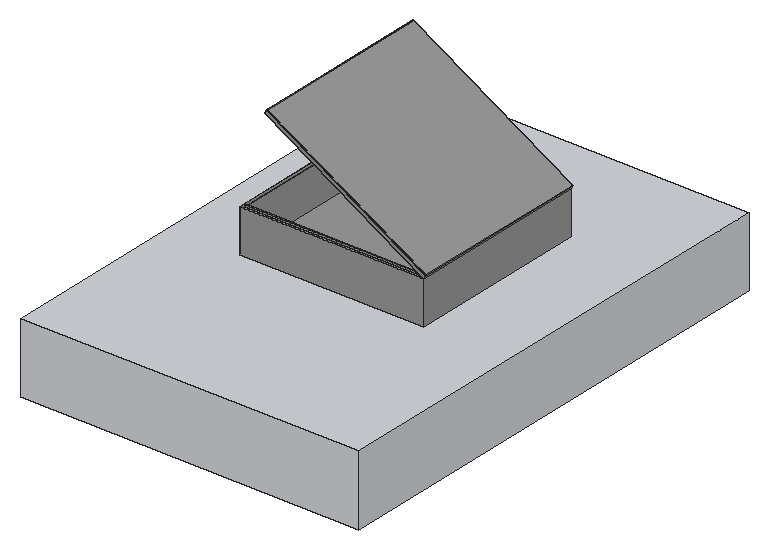
Revit family "Hager-Univers-IP44-D205-H800-Cl.II-Encl-PL-pl", category Equipement électrique, Revit 2020
Family settings
  Hôte = Face
  Configuration du panneau = Deux colonnes, circuits au sein
  Cote de connecteur circulaire = Utiliser le diamètre
  Type d'élément = Tableau de raccordement
  Couper avec des vides une fois chargée = Non
  Partagée = Non
  Point de calcul de pièce = Non
Parameters (values of type "Montaż natynkowy IP44 S800 W800 G205  - FP53SN2")
  Width Control [instance] = if([EF000008 - Szerokość] > Min Width, [EF000008 - Szerokość], Min Width)  # 800 mm
  Commentaires du type = [HG000003 - Zakres]  # "Univers"
  Thickness Door [instance] = if([EF009171 - Drzwi/pokrywa z materiału o wysokiej wytrzymałości mechanicznej] > 3 mm, 3 mm, [EF009171 - Drzwi/pokrywa z materiału o wysokiej wytrzymałości mechanicznej])  # 1 mm
  Seal Frame Offset [instance] = 17 mm  # constant formula
  Plinth Visibility [instance] = [HG000027 - Wysokość cokołu] > 0 mm  # no
  Model = ""
  Min Width [instance] = 100 mm  # constant formula
  Min Height [instance] = 100 mm  # constant formula
  Min Depth [instance] = (2 * [EF009170 - Obudowa z materiału o wysokiej wytrzymałości mechanicznej]) + 1 mm  # 3 mm
  Internal Frame Depth [instance] = (Door System Depth * 0.5)  # 9 mm
  Height Control [instance] = if([EF000040 - Wysokość] > Min Height, [EF000040 - Wysokość], Min Height)  # 800 mm
  HG000027 - Wysokość cokołu = 0 mm
  HG000026 - Stojąca = no
  HG000024 - Wysokość części dolnej = 800 mm
  HG000023 - Obudowa dwusekcyjna = no
  HG000016 - Widoczność drzwi w widoku 3D [instance] = yes
  HG000015 - Przestrzeń robocza - otwarcie drzwi [instance] = no
  HG000014 - Drzwi prawe [instance] = yes
  HG000013 - Drzwi lewe [instance] = not([HG000014 - Drzwi prawe])  # no
  HG000012 - Kąt otwarcia drzwi [instance] = 30.00°
  HG000010 - Drzwi asymetryczne = no
  HG000009 - Drzwi dwuskrzydłowe = no
  HG000006 - Montaż podtynkowy = no
  HG000004 - Referencja producenta = "FP53SN2"
  HG000003 - Zakres = "Univers"
  HG000002 - Z drzwiami lub pokrywą = yes
  Frame Offset Bottom [instance] = 10 mm  # constant formula
  Frame Offset [instance] = 15 mm  # constant formula
  EF015940 - Pokrywa z wyzwalaczem nadciśnieniowym = no
  EF011959 - Stopień ochrony (NEMA) = ""
  EF009554 - Liczba otworów pod flansze = 6
  Fabricant = "Hager"  # constant formula
  EF009212 - Wykonanie pokrywy = "EV000116 - Zamknięty"
  EF009171 - Drzwi/pokrywa z materiału o wysokiej wytrzymałości mechanicznej = 1 mm
  EF009170 - Obudowa z materiału o wysokiej wytrzymałości mechanicznej = 1 mm
  EF008873 - Prąd znamionowy (In) = 250 A
  EF007800 - Do ochrony odgromowej = no
  EF006306 - Z zamkiem = no
  EF006244 - Transparentna pokrywa/drzwi = no
  EF005474 - Stopień ochrony (IP) = "EV006418 - IP44"
  EF004464 - Rodzaj drzwi = "EV002646 - Pojedynczy"
  EF004427 - Liczba modułów = 180
  EF004293 - Odporność udarowa = "EV006815 - IK09"
  EF003532 - Do zastosowań zewnętrznych = no
  EF002950 - Szerokość wyrażona liczbą modułów = 36
  EF001613 - Podtrzymanie funkcji = "EV000494 - Brak"
  EF001596 - Materiał obudowy = "EV000179 - Stal"
  EF001131 - Głębokość wewnętrzna = 130 mm
  EF001088 - Możliwość rozbudowy = yes
  EF000437 - Liczba wejść kablowych = 6
  EF000339 - Rodzaj pokrywy = "EV004216 - Drzwi"
  EF000266 - Liczba rzędów = 5
  EF000218 - Głębokość wbudowania = 205 mm
  EF000118 - Z płytą montażową = no
  EF000116 - Numer RAL = "9010"
  EF000049 - Głębokość = 205 mm
  EF000040 - Wysokość = 800 mm
  EF000008 - Szerokość = 800 mm
  EF000007 - Kolor = "EV000202 - Biały"
  EF000003 - Sposób montażu = "EV000384 - Montaż natynkowy"
  Door System Leaf Tolerance [instance] = 1.5 mm  # constant formula
  Door System Depth [instance] = 18 mm  # constant formula
  Door Height [instance] = Height Control - [HG000027 - Wysokość cokołu]  # 800 mm
  Depth Control [instance] = if([EF000049 - Głębokość] > Min Depth, [EF000049 - Głębokość], Min Depth)  # 205 mm
  Default Elevation = 0 mm
  Connector Offset [instance] = Height Control / 2  # 400 mm
  Bottom Top Plate Trim [instance] = 1.5 mm  # constant formula
  Plinth height Ctrl [instance] = if([HG000027 - Wysokość cokołu] > 0 mm, [HG000027 - Wysokość cokołu], 12 mm)  # 12 mm
Types (5, lengths in mm): name | Width Control | HG000010 - Drzwi asymetryczne | HG000009 - Drzwi dwuskrzydłowe | HG000004 - Referencja producenta | EF009554 - Liczba otworów pod flansze | EF004464 - Rodzaj drzwi | EF004427 - Liczba modułów | EF002950 - Szerokość wyrażona liczbą modułów | EF000437 - Liczba wejść kablowych | EF000339 - Rodzaj pokrywy | EF000008 - Szerokość
  Montaż natynkowy IP44 S1050 W800 G205  - FP54SN2 | 1050 | no | yes | "FP54SN2" | 8 | "EV003602 - Podwójny" | 240 | 48 | 8 | "EV004216 - Drzwi" | 1050
  Montaż natynkowy IP44 S1300 W800 G205  - FP55SN2 | 1300 | yes | yes | "FP55SN2" | 10 | "EV003602 - Podwójny" | 300 | 60 | 10 | "EV004216 - Drzwi" | 1300
  Montaż natynkowy IP44 S300 W800 G205  - FP51SN2 | 300 | no | no | "FP51SN2" | 2 | "EV002646 - Pojedynczy" | 60 | 12 | 2 | "EV001012 - Pokrywa" | 300
  Montaż natynkowy IP44 S550 W800 G205  - FP52SN2 | 550 | no | no | "FP52SN2" | 4 | "EV002646 - Pojedynczy" | 120 | 24 | 4 | "EV001012 - Pokrywa" | 550
  Montaż natynkowy IP44 S800 W800 G205  - FP53SN2 | 800 | no | no | "FP53SN2" | 6 | "EV002646 - Pojedynczy" | 180 | 36 | 6 | "EV004216 - Drzwi" | 800
Reference planes
  plane 1 "Center (Front/Back)": y = 0
  plane 2: z = 0
  plane 3 "Center (Left/Right)": x = 0
  plane 4: z = 205
  plane 5: y = 1
  plane 6: y = 400
  plane 7: y = 0
  plane 8: y = 800
  plane 9: z = 0
  plane 10: x = -385
  plane 11: x = 385
  plane 12: x = 384
  plane 13: x = -384
  plane 14: y = 799
  plane 15: x = -383
  plane 16: x = -400
  plane 17: x = 383
  plane 18: x = 400
  plane 19: x = 399
  plane 20: x = -399
  plane 21: y = 11
  plane 22: y = 800
  plane 23: y = 784
  plane 24: z = 187
  plane 25: z = 1
  plane 26: z = 186
  plane 27: z = 204
Forms (mm)
  Extrusion 1, solid
    sketch origin (0, 0, 0) x (1, 0, 0) y (0, 1, 0)
      loop
        line (-702.964, 1305) -> (-702.964, -811.445) -> (766.763, -811.445) -> (766.763, 1305) -> (-702.964, 1305)
    from 0 to -304.8
  Extrusion 2, solid, material "Hager_Steel_RAL7035_Light_Grey", visible <- "Plinth Visibility", detail levels medium+fine
    sketch origin (0, 0, 0) x (1, 0, 0) y (0, 1, 0)
      loop
        line (-400, 0) -> (400, 0) -> (400, 12) -> (-400, 12) -> (-400, 0)
    from 0 to 187
  Extrusion 3, solid, material "Hager_Steel_RAL7035_Light_Grey", detail levels medium+fine
    sketch origin (0, 0, 0) x (1, 0, 0) y (0, 1, 0)
      loop
        line (-400, 0) -> (400, 0) -> (400, 800) -> (-400, 800) -> (-400, 0)
    from 0 to 187
  Extrusion 4, void
    sketch origin (0, 0, 0) x (1, 0, 0) y (0, 1, 0)
      loop
        line (-399, 1) -> (399, 1) -> (399, 799) -> (-399, 799) -> (-399, 1)
    from 1 to 186
  Extrusion 5, void
    sketch origin (-381.607, -4572, 187) x (0, -1, 0) y (-1, 0, 0)
      loop
        line (-4583, 2.393) -> (-5356, 2.393) -> (-5356, -765.607) -> (-4583, -765.607) -> (-4583, 2.393)
    from 0 to 1 <- "EF009170 - Obudowa z materiału o wysokiej wytrzymałości mechanicznej"
  Extrusion 6, solid, material "Hager_Steel_RAL7035_Light_Grey", detail levels fine
    sketch origin (0, 0, 187) x (1, 0, 0) y (0, 1, 0)
      loop
        line (-384, 784) -> (-384, 11) -> (384, 11) -> (384, 784) -> (-384, 784)
      loop
        line (-385, 10) -> (385, 10) -> (385, 785) -> (-385, 785) -> (-385, 10)
    from 0 to 9 <- "Internal Frame Depth"
  Extrusion 7, solid, material "Hager_Steel_RAL7035_Light_Grey", detail levels coarse
    sketch origin (0, 0, 0) x (1, 0, 0) y (0, 1, 0)
      loop
        line (-400, 0) -> (400, 0) -> (400, 800) -> (-400, 800) -> (-400, 0)
    from 0 to 205
  Sweep 8, void
    path in 3D
      loop
        line (-400, 12, 0) -> (400, 12, 0) -> (400, 12, 187) -> (-400, 12, 187) -> (-400, 12, 0)
    profile origin (-400, 12, 93.5) x (-1, 0, 0) y (0, -1, 0)
      loop
        line (0, 0) -> (0, 1.5) -> (-1.5, 1.5)
        arc (-1.5, 1.5) -> (-1.061, 0.439) -> (0, 0) r 1.5
Cuts and joins
  Extrusion 4, Extrusion 5 cuts Extrusion 3
  Sweep 8 cuts Extrusion 2
Lines and regions (mm)
  Masking region 1
    outline origin (0, 0, 0) x (1, 0, 0) y (0, 0, 1)
      loop
        line (-400, 205) -> (-400, 0) -> (400, 0) -> (400, 205) -> (-400, 205)
  Masking region 2, detail levels medium+fine
    outline origin (0, 140, 0) x (0, 1, 0) y (0, 0, 1)
      loop
        line (-140, 0) -> (660, 0) -> (660, 187) -> (-140, 187) -> (-140, 0)
  Masking region 3, not visible, detail levels medium+fine
    outline origin (0, 297.922, 0) x (0, 1, 0) y (0, 0, 1)
      loop
        line (113.578, 0) -> (153.578, 0) -> (153.578, 194)
        arc (153.578, 194) -> (150.649, 201.071) -> (143.578, 204) r 10
        line (143.578, 204) -> (113.578, 204) -> (113.578, 0)
  Masking region 4, detail levels coarse
    outline origin (0, 0, 180) x (0, 1, 0) y (0, 0, 1)
      loop
        line (0, -180) -> (800, -180) -> (800, 25) -> (0, 25) -> (0, -180)
  Masking region 5, visible <- "Plinth Visibility", detail levels medium+fine
    outline origin (0, 52.24, 12.345) x (0, 0, -1) y (0, 1, 0)
      loop
        line (10.845, -40.24) -> (-173.155, -40.24)
        arc (-173.155, -40.24) -> (-173.594, -41.301) -> (-174.655, -41.74) r 1.5
        line (-174.655, -41.74) -> (-174.655, -52.24) -> (12.345, -52.24) -> (12.345, -41.74)
        arc (12.345, -41.74) -> (11.285, -41.301) -> (10.845, -40.24) r 1.5
  Masking region 6, detail levels medium+fine
    outline origin (-381.607, -4572, 187) x (-1, 0, 0) y (0, -1, 0)
      loop
        line (18.393, -5372) -> (18.393, -4572) -> (-781.607, -4572) -> (-781.607, -5372) -> (18.393, -5372)
  Masking region 7, visible <- "Plinth Visibility", detail levels medium+fine
    outline origin (-381.607, -4727, 187) x (-1, 0, 0) y (0, -1, 0)
      loop
        arc (16.893, -4739) -> (17.332, -4737.939) -> (18.393, -4737.5) r 1.5
        line (18.393, -4737.5) -> (18.393, -4727) -> (-781.607, -4727) -> (-781.607, -4737.5)
        arc (-781.607, -4737.5) -> (-780.546, -4737.939) -> (-780.107, -4739) r 1.5
        line (-780.107, -4739) -> (16.893, -4739)
  Masking region 8, detail levels coarse
    outline origin (-442.548, -4669.526, 187) x (-1, 0, 0) y (0, -1, 0)
      loop
        line (-42.548, -5469.526) -> (-42.548, -4669.526) -> (-842.548, -4669.526) -> (-842.548, -5469.526) -> (-42.548, -5469.526)
  sketch lines
    curve 1: line (-400, 12, 187) -> (-400, 12, 0)
    curve 2: line (400, 12, 187) -> (-400, 12, 187)
    curve 3: line (400, 12, 187) -> (400, 12, 0)
    curve 4: line (-400, 12, 0) -> (400, 12, 0)
Dimensions and locks
  "Depth Control": plane 4 to Extrusion 1
  "HG000027 - Wysokość cokołu": plane 1 "Center (Front/Back)" to plane 7
  "EF009170 - Obudowa z materiału o wysokiej wytrzymałości mechanicznej": plane 5 to plane 7
  locked: connector elem to plane 3 "Center (Left/Right)"
  equal spacing: plane 8, plane 6, plane 7
  locked: connector elem to plane 6
  "EF009170 - Obudowa z materiału o wysokiej wytrzymałości mechanicznej": plane 8 to plane 14
  "EF009170 - Obudowa z materiału o wysokiej wytrzymałości mechanicznej": plane 10 to plane 13
  "EF009170 - Obudowa z materiału o wysokiej wytrzymałości mechanicznej": plane 12 to plane 11
  "Frame Offset": plane 20 to plane 13
  "Frame Offset": plane 12 to plane 19
  "EF009170 - Obudowa z materiału o wysokiej wytrzymałości mechanicznej": plane 16 to plane 20
  "EF009170 - Obudowa z materiału o wysokiej wytrzymałości mechanicznej": plane 19 to plane 18
  "Seal Frame Offset": plane 16 to plane 15
  "Seal Frame Offset": plane 17 to plane 18
  "Frame Offset Bottom": plane 21 to plane 5
  "Frame Offset": plane 14 to plane 23
  equal spacing: plane 16, plane 3 "Center (Left/Right)", plane 18
  "Width Control": plane 16 to plane 18
  "EF009170 - Obudowa z materiału o wysokiej wytrzymałości mechanicznej": plane 4 to plane 27
  "EF009170 - Obudowa z materiału o wysokiej wytrzymałości mechanicznej": plane 24 to plane 26
  "EF009170 - Obudowa z materiału o wysokiej wytrzymałości mechanicznej": plane 25 to level
  "Door System Depth": plane 4 to plane 24
  "Height Control": plane 1 "Center (Front/Back)" to Extrusion 7 sketch curve
  "Height Control": Masking region 4 sketch curve to plane 1 "Center (Front/Back)"
  "Height Control": plane 1 "Center (Front/Back)" to plane 22
  "Bottom Top Plate Trim": profile plane to Sweep 8 sketch curve
  "Bottom Top Plate Trim": Sweep 8 sketch curve to profile plane
  "Plinth height Ctrl": plane 1 "Center (Front/Back)" to Extrusion 2 sketch curve
  "Plinth height Ctrl": Masking region 5 sketch curve to plane 1 "Center (Front/Back)"
  "Plinth height Ctrl": plane 1 "Center (Front/Back)" to Masking region 7 sketch curve
  "Thickness Door": Extrusion 6 sketch curve to Extrusion 6 sketch curve  (x3)
  "Thickness Door": cut or joined group of Extrusion 3, Extrusion 4, Extrusion 5 to Extrusion 6 sketch curve
  radius of Masking region 3 sketch curve = 10 mm
  "Bottom Top Plate Trim": radius of Masking region 5 sketch curve  (x2)
  "Bottom Top Plate Trim": radius of Sweep 8 sketch curve
  "Bottom Top Plate Trim": radius of Masking region 7 sketch curve  (x2)
  aligned and locked: plane 2 to Extrusion 1
  aligned and locked: level to Extrusion 1
  aligned and locked: level to Masking region 1 sketch curve
  aligned and locked: Masking region 1 sketch curve to plane 18
  aligned and locked: Masking region 1 sketch curve to plane 16
  aligned and locked: plane 7 to Masking region 2 sketch curve
  aligned and locked: level to Masking region 3 sketch curve
  aligned and locked: Masking region 3 sketch curve to plane 27
  aligned and locked: level to Masking region 2 sketch curve
  aligned and locked: plane 1 "Center (Front/Back)" to Extrusion 2 sketch curve
  aligned and locked: Extrusion 3 sketch curve to plane 7
  aligned and locked: plane 16 to Extrusion 3 sketch curve
  aligned and locked: plane 18 to Extrusion 3 sketch curve
  aligned and locked: plane 20 to Extrusion 4 sketch curve
  aligned and locked: plane 19 to Extrusion 4 sketch curve
  aligned and locked: Extrusion 4 sketch curve to plane 5
  aligned and locked: Extrusion 4 to plane 25
  aligned and locked: plane 26 to Extrusion 4
  aligned and locked: plane 24 to Extrusion 3
  aligned and locked: Extrusion 5 sketch curve to plane 21
  aligned and locked: Extrusion 5 sketch curve to plane 13
  aligned and locked: Extrusion 5 sketch curve to plane 12
  aligned and locked: plane 18 to Extrusion 7 sketch curve
  aligned and locked: plane 1 "Center (Front/Back)" to Extrusion 7 sketch curve
  aligned and locked: plane 16 to Extrusion 7 sketch curve
  aligned and locked: plane 4 to Extrusion 7
  aligned and locked: Extrusion 7 to level
  aligned and locked: level to Masking region 4 sketch curve
  aligned and locked: Masking region 4 sketch curve to plane 1 "Center (Front/Back)"
  aligned and locked: Masking region 4 sketch curve to plane 4
  aligned and locked: nested 1 to level
  aligned and locked: nested 1 to plane 16
  aligned and locked: plane 8 to Extrusion 3 sketch curve
  aligned and locked: plane 23 to Extrusion 5 sketch curve
  aligned and locked: plane 14 to Extrusion 4 sketch curve
  aligned and locked: Masking region 2 sketch curve to plane 8
  aligned and locked: level to Masking region 5 sketch curve
  aligned and locked: plane 16 to Extrusion 2 sketch curve
  aligned and locked: plane 18 to Extrusion 2 sketch curve
  aligned and locked: Masking region 5 sketch curve to plane 24
  aligned and locked: Masking region 2 sketch curve to plane 24
  aligned and locked: plane 24 to Extrusion 2
  aligned and locked: profile plane to Sweep 8 sketch curve  (x2)
  aligned and locked: Masking region 6 sketch curve to plane 18
  aligned and locked: Masking region 6 sketch curve to plane 22
  aligned and locked: Masking region 6 sketch curve to plane 16
  aligned and locked: plane 8 to plane 22
  aligned and locked: Masking region 6 sketch curve to plane 7
  aligned and locked: Masking region 7 sketch curve to plane 16
  aligned and locked: Masking region 7 sketch curve to plane 1 "Center (Front/Back)"
  aligned and locked: Masking region 7 sketch curve to plane 18
  aligned and locked: Masking region 8 sketch curve to plane 1 "Center (Front/Back)"
  aligned and locked: Masking region 8 sketch curve to plane 18
  aligned and locked: Masking region 8 sketch curve to plane 22
  aligned and locked: Masking region 8 sketch curve to plane 16
  aligned and locked: nested 2 to plane 7
  aligned and locked: plane 3 "Center (Left/Right)" to nested 2
  aligned and locked: nested 2 to plane 24
  aligned and locked: Extrusion 6 sketch curve to cut or joined group of Extrusion 3, Extrusion 4, Extrusion 5  (x4)
Automatic sketch dimensions
  Extrusion 1 sketch curve to Extrusion 1 sketch curve = 1469.727 mm
  Extrusion 1 sketch curve to Extrusion 1 sketch curve = 2116.445 mm
  Masking region 1 sketch curve to plane 4 = 0 mm
  plane 6 to Masking region 3 sketch curve = 11.5 mm
  Masking region 3 sketch curve to Masking region 3 sketch curve = 30 mm
  Masking region 5 sketch curve to plane 1 "Center (Front/Back)" = 0 mm
Nested families
  nested 1: "Hager_Enclosure_Symbol" at (-400, 0, 0) x (1, 0, 0) z (0, -1, 0), Height <- "Depth Control", Width <- "Width Control", type "Hager_Enclosure_Symbol"
    with Width_Ctrl 800 mm, Width 800 mm, Height_Ctrl 205 mm, Height 205 mm, A_Width_Int 13.453 mm, A_Width 161.438 mm, A_Height_Ctrl 179.375 mm, A_Height 179.375 mm
  nested 2: "EC000058_Univers_Door" at (0, 0, 187) x (1, 0, 0) z (0, 1, 0), Leaf_Tolerance <- "Door System Leaf Tolerance", Angle <- "HG000012 - Kąt otwarcia drzwi", Door_Depth <- "Door System Depth", Door_Left <- "HG000013 - Drzwi lewe", Transparent <- "EF006244 - Transparentna pokrywa/drzwi", Assymetrical <- "HG000010 - Drzwi asymetryczne", Width <- "Width Control", Clearance <- "HG000015 - Przestrzeń robocza - otwarcie drzwi", Double <- "HG000009 - Drzwi dwuskrzydłowe", 3d_Door <- "HG000016 - Widoczność drzwi w widoku 3D", Lock_Visibility <- "EF006306 - Z zamkiem", Width_Ctrl <- "Width Control", Door_Right <- "HG000014 - Drzwi prawe", Door <- "HG000002 - Z drzwiami lub pokrywą", Height <- "Door Height", Thickness <- "Thickness Door", type "EC000058_Univers_Door", detail levels medium+fine
    with min_wh 3 mm, Width_Ctrl 800 mm, Width 800 mm, Transparent no, Thickness 1 mm, Seal_Material Hager_Rubber, Lock_Visibility no, Lock_Material Hager_Plastic_RAL9005_Jet_Black, Leaf_Width 800 mm, Leaf_Tolerance_External_Sides 0 mm, Leaf_Tolerance 1.5 mm, Leaf_Offset 0 mm, Leaf_Height 797 mm, Leaf_2_Width 800 mm, Leaf_2_Offset 400 mm, Leaf_1_Width 800 mm, Leaf_1_Offset 400 mm, Height_Ctrl 800 mm, Height 800 mm, Glass_Material Hager_Glass, Double_Clearance_Ctrl no, Double no, Door_Right_Ctrl yes, Door_Right yes, Door_Material Hager_Steel_RAL7035_Light_Grey, Door_Left_Ctrl no, Door_Left no, Door_Depth 18 mm, Door yes, Clearance_Material Hager_Clearance, Clearance_Depth 800 mm, Clearance_Ctrl no, Clearance no, Assymetrical no, Angle 30.00°, 3d_Door yes
Connectors
  electrical at (0, 400, 0)
    settings: on plane 9, index 1, voltage 0 V, apparent load 0 VA, apparent load phase1 0 VA, apparent load phase2 0 VA, apparent load phase3 0 VA, power factor 1, load classification "Other", number of poles 1, system type 30, power factor state 1, is connector primary yes, connector utility no, sub classification motor no, connector description ""
Definition of nested family "EC000058_Univers_Door"
  Parameters (values of type "EC000058_Univers_Door")
    min_wh [instance] = (2 * Thickness) + 1 mm  # 11 mm
    Width_Ctrl [instance] = 400 mm
    Width [instance] = 500 mm
    Transparent [instance] = yes
    Thickness [instance] = 5 mm
    Seal_Material [instance] = none
    Lock_Visibility [instance] = yes
    Lock_Material [instance] = none
    Leaf_Width [instance] = if((Width_Ctrl - 2 * Leaf_Tolerance_External_Sides) > 0 mm, (Width_Ctrl - 2 * Leaf_Tolerance_External_Sides), min_wh)  # 400 mm
    Leaf_Tolerance_External_Sides [instance] = 0 mm  # constant formula
    Leaf_Tolerance [instance] = 1.5 mm
    Leaf_Offset [instance] = 0 mm  # constant formula
    Leaf_Height [instance] = if((Height_Ctrl - 2 * Leaf_Tolerance) > 0 mm, (Height_Ctrl - 2 * Leaf_Tolerance), min_wh)  # 497 mm
    Leaf_2_Width [instance] = if(and(and(Double, Assymetrical), Door_Left), (Leaf_Width / 3) - (Leaf_Tolerance / 2), if(and(and(Double, Assymetrical), Door_Right), (Leaf_Width / 3) * 2 - (Leaf_Tolerance / 2), if(and(Double, not(Assymetrical)), (Leaf_Width / 2) - Leaf_Tolerance, Leaf_Width)))  # 400 mm
    Leaf_2_Offset [instance] = if(and(Double, Assymetrical), Leaf_2_Width / 2, if(and(Double, not(Assymetrical)), Leaf_Width / 4, Leaf_Width / 2))  # 200 mm
    Leaf_1_Width [instance] = if(and(and(Double, Assymetrical), Door_Right), (Leaf_Width / 3) - (Leaf_Tolerance / 2), if(and(and(Double, Assymetrical), Door_Left), (Width / 3) * 2 - (Leaf_Tolerance / 2), if(and(Double, not(Assymetrical)), (Leaf_Width / 2) - Leaf_Tolerance, Leaf_Width)))  # 400 mm
    Leaf_1_Offset [instance] = if(and(Double, Assymetrical), Leaf_1_Width / 2, if(and(Double, not(Assymetrical)), Leaf_Width / 4, Leaf_Width / 2))  # 200 mm
    Height_Ctrl [instance] = if(Height > min_wh, Height, min_wh)  # 500 mm
    Height [instance] = 500 mm
    Glass_Material [instance] = none
    Double_Clearance_Ctrl [instance] = and(Double, Clearance)  # no
    Double [instance] = no
    Door_Right_Ctrl [instance] = and(or(Door_Right, Double), Door)  # yes
    Door_Right [instance] = yes
    Door_Material [instance] = none
    Door_Left_Ctrl [instance] = and(or(Door_Left, Double), Door)  # no
    Door_Left [instance] = no
    Door_Depth [instance] = 30 mm
    Door [instance] = yes
    Default Elevation = 1219.2 mm
    Clearance_Material [instance] = none
    Clearance_Depth [instance] = if(Leaf_1_Width > Leaf_2_Width, Leaf_1_Width, Leaf_2_Width)  # 400 mm
    Clearance_Ctrl [instance] = and(not(Double), Clearance)  # yes
    Clearance [instance] = yes
    Assymetrical [instance] = yes
    Angle [instance] = 30.00°
    3d_Door [instance] = yes
  Reference planes
    plane 1 "Center (Front/Back)": y = 0
    plane 2 "Bottom": z = 0
    plane 3 "Center (Left/Right)": x = 0
    plane 4: z = 500
    plane 5: x = -200
    plane 6: x = 200
    plane 7: z = 500
    plane 8: x = -200
    plane 9: z = 0
    plane 10: x = 200
    plane 11: y = 0
    plane 12: z = 1.5
    plane 13: x = -600
    plane 14: y = -400
    plane 15: x = 600
    plane 16: x = 0
    plane 17: x = 0
    plane 18: x = -200
    plane 19: x = 200
    plane 20: z = 498.5
  Forms (mm)
    Extrusion 1, solid, material <- "Clearance_Material", visible <- "Double_Clearance_Ctrl"
      sketch origin (1200, 0, 0) x (1, 0, 0) y (0, 0, -1)
        loop
          line (-1800, -498.5) -> (-600, -498.5) -> (-600, 0) -> (-1800, 0) -> (-1800, -498.5)
      from 0 to -400
  Dimensions and locks
    equal spacing: plane 5, plane 3 "Center (Left/Right)", plane 6
    "Width_Ctrl": plane 5 to plane 6
    "Leaf_Offset": plane 5 to plane 8
    "Leaf_Offset": plane 6 to plane 10
    "Leaf_Offset": plane 9 to level
    "Leaf_Offset": plane 4 to plane 7
    "Height_Ctrl": plane 4 to level
    "Leaf_Tolerance": plane 12 to plane 9
    locked: plane 11 to plane 1 "Center (Front/Back)"
    "Leaf_1_Offset": plane 18 to plane 16
    "Leaf_2_Offset": plane 17 to plane 19
    "Leaf_1_Width": plane 13 to plane 8
    "Leaf_2_Width": plane 10 to plane 15
    "Clearance_Depth": plane 14 to plane 1 "Center (Front/Back)"
    "Leaf_Tolerance_External_Sides": plane 8 to plane 18
    "Leaf_Tolerance_External_Sides": plane 19 to plane 10
    "Leaf_Tolerance": plane 7 to plane 20
    aligned and locked: level to plane 2 "Bottom"
    aligned and locked: nested 1 to plane 16
    aligned and locked: nested 2 to plane 17
    aligned and locked: Extrusion 1 to plane 13
    aligned and locked: plane 15 to Extrusion 1
    aligned and locked: Extrusion 1 to plane 14
    aligned and locked: plane 12 to nested 1
    aligned and locked: nested 2 to plane 12
    aligned and locked: Extrusion 1 to plane 11
    aligned and locked: plane 20 to Extrusion 1
    aligned and locked: nested 2 to plane 11
    aligned and locked: nested 1 to plane 11
  Automatic sketch dimensions
    Extrusion 1 sketch curve to level = 0 mm
    plane 5 to Extrusion 1 sketch curve = 400 mm
    plane 6 to Extrusion 1 sketch curve = 400 mm
    Extrusion 1 sketch curve to plane 4 = 1.5 mm
  Nested families
    nested 1: "EC000058_Univers_Door_Leaf" at (0, 0, 1.5), Width <- "Leaf_1_Width", visible <- "Door_Left_Ctrl", Leaf_Height <- "Leaf_Height", Angle <- "Angle", 3d_Door <- "3d_Door", Transparent <- "Transparent", Clearance Material <- "Clearance_Material", Clearance <- "Clearance_Ctrl", Door_Material <- "Door_Material", Glass_Material <- "Glass_Material", Door_Depth <- "Door_Depth", Lock_Material <- "Lock_Material", Seal_Material <- "Seal_Material", Lock_Visibility <- "Lock_Visibility", Thickness <- "Thickness", type "EC000058_Univers_Door_Leaf"
      with Width 400 mm, Transparent_Glass_Offset 30 mm, Transparent_Ctrl yes, Transparent yes, Thickness 5 mm, Standard no, Seal_Material none, Seal_D2 8 mm, Seal_D1 1 mm, Offset_Internal_Frame 10 mm, Lock_Width 20 mm, Lock_Visibility_3d yes, Lock_Visibility yes, Lock_Thickness_3 3 mm, Lock_Thickness_2 1 mm, Lock_Thickness_1 3 mm, Lock_Radius_Offset_2 16 mm, Lock_Radius_Offset_1 15 mm, Lock_Radius_2 5 mm, Lock_Radius 6 mm, Lock_Offset 5 mm, Lock_Material none, Lock_Height 80 mm, Lock_Cover_Top_Offset_2d 17 mm, Lock_Cover_Height -65 mm, Leaf_Height 497 mm, Internal_Seal_Thickness 8 mm, Internal_Seal_Depth_2 4.5 mm, Internal_Frame_Depth 25 mm, Glass_Thickness -1 mm, Glass_Offset -2 mm, Glass_Material none, Door_Material none, Door_Depth 30 mm, Clearance Material none, Clearance yes, Angle_Ctrl 30.00°, Angle 30.00°, 3d_Door yes
    nested 2: "EC000058_Univers_Door_Leaf" at (0, 0, 1.5) x (-1, 0, 0) z (0, 0, 1), Width <- "Leaf_2_Width", visible <- "Door_Right_Ctrl", Leaf_Height <- "Leaf_Height", Angle <- "Angle", 3d_Door <- "3d_Door", Transparent <- "Transparent", Clearance Material <- "Clearance_Material", Clearance <- "Clearance_Ctrl", Door_Material <- "Door_Material", Glass_Material <- "Glass_Material", Door_Depth <- "Door_Depth", Lock_Material <- "Lock_Material", Seal_Material <- "Seal_Material", Lock_Visibility <- "Lock_Visibility", Thickness <- "Thickness", type "EC000058_Univers_Door_Leaf"
      with Width 400 mm, Transparent_Glass_Offset 30 mm, Transparent_Ctrl yes, Transparent yes, Thickness 5 mm, Standard no, Seal_Material none, Seal_D2 8 mm, Seal_D1 1 mm, Offset_Internal_Frame 10 mm, Lock_Width 20 mm, Lock_Visibility_3d yes, Lock_Visibility yes, Lock_Thickness_3 3 mm, Lock_Thickness_2 1 mm, Lock_Thickness_1 3 mm, Lock_Radius_Offset_2 16 mm, Lock_Radius_Offset_1 15 mm, Lock_Radius_2 5 mm, Lock_Radius 6 mm, Lock_Offset 5 mm, Lock_Material none, Lock_Height 80 mm, Lock_Cover_Top_Offset_2d 17 mm, Lock_Cover_Height -65 mm, Leaf_Height 497 mm, Internal_Seal_Thickness 8 mm, Internal_Seal_Depth_2 4.5 mm, Internal_Frame_Depth 25 mm, Glass_Thickness -1 mm, Glass_Offset -2 mm, Glass_Material none, Door_Material none, Door_Depth 30 mm, Clearance Material none, Clearance yes, Angle_Ctrl 30.00°, Angle 30.00°, 3d_Door yes
  Definition of nested family "EC000058_Univers_Door_Leaf"
    Parameters (values of type "EC000058_Univers_Door_Leaf")
      Width [instance] = 2000 mm
      Transparent_Glass_Offset [instance] = 30 mm
      Transparent_Ctrl [instance] = and(Transparent, [3d_Door])  # yes
      Transparent [instance] = yes
      Thickness [instance] = 5 mm
      Standard [instance] = and(not(Transparent), [3d_Door])  # no
      Seal_Material [instance] = none
      Seal_D2 [instance] = 8 mm  # constant formula
      Seal_D1 [instance] = 1 mm  # constant formula
      Offset_Internal_Frame [instance] = 10 mm  # constant formula
      Lock_Width [instance] = 20 mm  # constant formula
      Lock_Visibility_3d [instance] = and(Lock_Visibility, [3d_Door])  # yes
      Lock_Visibility [instance] = yes
      Lock_Thickness_3 [instance] = 3 mm  # constant formula
      Lock_Thickness_2 [instance] = 1 mm  # constant formula
      Lock_Thickness_1 [instance] = 3 mm  # constant formula
      Lock_Radius_Offset_2 [instance] = Lock_Radius_Offset_1 + 1 mm  # 16 mm
      Lock_Radius_Offset_1 [instance] = 15 mm  # constant formula
      Lock_Radius_2 [instance] = Lock_Radius - 1 mm  # 5 mm
      Lock_Radius [instance] = 6 mm  # constant formula
      Lock_Offset [instance] = 5 mm  # constant formula
      Lock_Material [instance] = none
      Lock_Height [instance] = 80 mm  # constant formula
      Lock_Cover_Top_Offset_2d [instance] = Lock_Radius_Offset_2 + 1 mm  # 17 mm
      Lock_Cover_Height [instance] = -(Lock_Height - Lock_Radius_Offset_1)  # -65 mm
      Leaf_Height [instance] = 2720.336 mm
      Internal_Seal_Thickness [instance] = 8 mm  # constant formula
      Internal_Seal_Depth_2 [instance] = 4.5 mm  # constant formula
      Internal_Frame_Depth [instance] = if(Door_Depth - Thickness > 5 mm, Door_Depth - Thickness, 5 mm)  # 25 mm
      Glass_Thickness [instance] = if(Thickness > 15 mm, Glass_Offset + 10 mm, -1 mm)  # -1 mm
      Glass_Offset [instance] = if(Thickness > 15 mm, -(Thickness + 10 mm) / 2, -2 mm)  # -2 mm
      Glass_Material [instance] = none
      Door_Material [instance] = none
      Door_Depth [instance] = 30 mm
      Default Elevation = 0 mm
      Clearance Material [instance] = none
      Clearance [instance] = yes
      Angle_Ctrl [instance] = if(Angle > 180.00°, 180.00°, Angle)  # 90.00°
      Angle [instance] = 90.00°
      3d_Door [instance] = yes
    Reference planes
      plane 1 "Center (Front/Back)": y = 0
      plane 2: z = 0
      plane 3 "Center (Left/Right)": x = 0
      plane 4: y = 2000
      plane 5: x = -1000
      plane 6: x = 1000
      plane 7: x = -3000
      plane 8: z = 2720.336
      plane 9: z = 30
      plane 10: z = 2690.336
      plane 11: x = 970
      plane 12: x = -970
      plane 13: y = -3
      plane 14: z = 107.833
      plane 15: y = -5
      plane 16: y = -223.314
      plane 17: x = -1000
      plane 18: z = 1360.168
      plane 19: y = 30
    Forms (mm)
      Extrusion 1, solid, material <- "Clearance Material", visible <- "Clearance"
        sketch origin (0, 0, 0) x (1, 0, 0) y (0, 0, 1)
          loop
            line (-3000, 2720.336) -> (-3000, 0) -> (1000, 0) -> (1000, 2720.336) -> (-3000, 2720.336)
        from 0 to -2000
      Extrusion 2, solid, material <- "Door_Material", visible <- "Standard", detail levels medium+fine
        sketch origin (-1000, 0, 0) x (0, 1, 0) y (-1, 0, 0)
          loop
            line (0, 30) -> (0, 25) -> (2000, 25) -> (2000, 30) -> (0, 30)
        from 0 to 2720.336 <- "Leaf_Height"
      Extrusion 3, solid, material <- "Door_Material", visible <- "Transparent_Ctrl", detail levels medium+fine
        sketch origin (-1000, 0, 0) x (0, 1, 0) y (-1, 0, 0)
          loop
            line (0, 25) -> (2000, 25) -> (2000, 30) -> (0, 30) -> (0, 25)
        from 0 to 2720.336 <- "Leaf_Height"
      Extrusion 4, void
        sketch origin (-1025, 2000, 0) x (0, 1, 0) y (0, 0, -1)
          loop
            line (-30, -2690.336) -> (-30, -30) -> (-1970, -30) -> (-1970, -2690.336) -> (-30, -2690.336)
        from 0 to 5 <- "Thickness"
      Sweep 5, solid, material <- "Seal_Material", visible <- "Transparent_Ctrl", detail levels fine
        path in 3D
          loop
            line (-1025, 30, 30) -> (-1025, 30, 2690.336) -> (-1025, 1970, 2690.336) -> (-1025, 1970, 30) -> (-1025, 30, 30)
        profile origin (-1025, 1000, 30) x (1, 0, 0) y (0, 0, 1)
          loop
            line (0, 0) -> (0, -8) -> (1, -8) -> (1, 0) -> (0, 0)
      Extrusion 6, solid, material <- "Glass_Material", visible <- "Transparent_Ctrl", detail levels medium+fine
        sketch origin (-1030, 0, 0) x (0, 1, 0) y (0, 0, -1)
          loop
            line (1970, -2690.336) -> (1970, -30) -> (30, -30) -> (30, -2690.336) -> (1970, -2690.336)
        from -2 <- "Glass_Offset" to -1 <- "Glass_Thickness"
      Extrusion 7, solid, material <- "Door_Material", visible <- "3d_Door", detail levels medium+fine
        sketch origin (-1025, 2000, 0) x (0, -1, 0) y (0, 0, -1)
          loop
            line (0, -2720.336) -> (2000, -2720.336) -> (2000, 0) -> (0, 0) -> (0, -2720.336)
          loop
            line (1995, -5) -> (5, -5) -> (5, -2715.336) -> (1995, -2715.336) -> (1995, -5)
        from 0 to 25 <- "Internal_Frame_Depth"
      Sweep 8, solid, material <- "Seal_Material", visible <- "Transparent_Ctrl", detail levels fine
        path in 3D
          loop
            line (-1025, 0, 0) -> (-1025, 2000, 0) -> (-1025, 2000, 2720.336) -> (-1025, 0, 2720.336) -> (-1025, 0, 0)
        profile origin (-1025, 0, 1360.168) x (1, 0, 0) y (0, 1, 0)
          loop
            line (0, 10) -> (2.975, 10)
            arc (2.975, 10) -> (4.053, 10.447) -> (4.5, 11.525) r 1.525
            line (4.5, 11.525) -> (4.5, 16.527)
            arc (4.5, 16.527) -> (4.069, 17.569) -> (3.027, 18) r 1.473
            line (3.027, 18) -> (0, 18) -> (0, 10)
      Extrusion 9, solid, material <- "Lock_Material", visible <- "Lock_Visibility_3d", detail levels fine
        sketch origin (-1030, 0, 0) x (0, 1, 0) y (0, 0, -1)
          loop
            arc (1993.5, -1400.168) -> (1994.561, -1399.729) -> (1995, -1398.668) r 1.5
            line (1995, -1398.668) -> (1995, -1320.168) -> (1975, -1320.168) -> (1975, -1398.668)
            arc (1975, -1398.668) -> (1975.439, -1399.729) -> (1976.5, -1400.168) r 1.5
            line (1976.5, -1400.168) -> (1993.5, -1400.168)
        from 3 <- "Lock_Thickness_1" to 0
      Blend 10, solid, material <- "Lock_Material", visible <- "Lock_Visibility_3d", detail levels fine
        base sketch origin (-1033, 0, 0) x (0, 1, 0) y (0, 0, -1)
          loop
            line (1975, -1320.168) -> (1975, -1398.668)
            arc (1975, -1398.668) -> (1975.439, -1399.729) -> (1976.5, -1400.168) r 1.5
            line (1976.5, -1400.168) -> (1993.5, -1400.168)
            arc (1993.5, -1400.168) -> (1994.561, -1399.729) -> (1995, -1398.668) r 1.5
            line (1995, -1398.668) -> (1995, -1320.168) -> (1975, -1320.168)
        top sketch origin (-1033, 0, 0) x (0, 1, 0) y (0, 0, -1)
          loop
            line (1976, -1320.168) -> (1976, -1398.668)
            arc (1976, -1398.668) -> (1976.146, -1399.022) -> (1976.5, -1399.168) r 0.5
            line (1976.5, -1399.168) -> (1993.5, -1399.168)
            arc (1993.5, -1399.168) -> (1993.854, -1399.022) -> (1994, -1398.668) r 0.5
            line (1994, -1398.668) -> (1994, -1320.168) -> (1976, -1320.168)
        from 0 to 1 <- "Lock_Thickness_2"
      Blend 11, solid, material <- "Lock_Material", visible <- "Lock_Visibility_3d", detail levels fine
        base sketch origin (-1034, 0, 0) x (0, 1, 0) y (0, 0, -1)
          loop
            line (1978, -1320.168) -> (1978, -1384.168)
            arc (1978, -1384.168) -> (1985, -1391.168) -> (1992, -1384.168) r 7
            line (1992, -1384.168) -> (1992, -1320.168) -> (1978, -1320.168)
        top sketch origin (-1034, 0, 0) x (0, 1, 0) y (0, 0, -1)
          loop
            line (1991, -1320.168) -> (1979, -1320.168) -> (1979, -1383.168)
            arc (1979, -1383.168) -> (1985, -1389.168) -> (1991, -1383.168) r 6
            line (1991, -1383.168) -> (1991, -1320.168)
        from 0 to 3 <- "Lock_Thickness_3"
      Extrusion 12, solid, material <- "Lock_Material", visible <- "Lock_Visibility_3d", detail levels fine
        sketch origin (-1030, 1975, 1320.168) x (1, 0, 0) y (0, -1, 0)
          loop
            line (-7, -19) -> (-7, -1) -> (0, -1) -> (0, 0) -> (-8, 0) -> (-8, -20) -> (0, -20) -> (0, -19) -> (-7, -19)
        from 0 to -65 <- "Lock_Cover_Height"
      Extrusion 13, void
        sketch origin (-1038, 1995, 1320.168) x (-1, 0, 0) y (0, 0, -1)
          loop
            line (-5, -65) -> (0, -65) -> (-5, -60) -> (-5, -65)
        from 0 to 20 <- "Lock_Width"
      Extrusion 14, void
        sketch origin (-1038, 1975, 1320.168) x (0, -1, 0) y (0, 0, -1)
          loop
            circle (-10, -15.995) r 6
          loop
            circle (-10, -15.995) r 5
        from 0 to 2
      Extrusion 15, solid, material <- "Lock_Material", visible <- "Lock_Visibility_3d", detail levels medium
        sketch origin (-1030, 0, 0) x (0, 1, 0) y (0, 0, -1)
          loop
            arc (1993.5, -1400.168) -> (1994.561, -1399.729) -> (1995, -1398.668) r 1.5
            line (1995, -1398.668) -> (1995, -1320.168) -> (1975, -1320.168) -> (1975, -1398.668)
            arc (1975, -1398.668) -> (1975.439, -1399.729) -> (1976.5, -1400.168) r 1.5
            line (1976.5, -1400.168) -> (1993.5, -1400.168)
        from 8 to 0
    Cuts and joins
      Extrusion 4 cuts Extrusion 3
      Extrusion 13, Extrusion 14 cuts Extrusion 9
      Extrusion 14 cuts Blend 11
      Extrusion 13, Extrusion 14 cuts Extrusion 12
      joined: Extrusion 9, Blend 10, Blend 11, Extrusion 12
      Extrusion 14 cuts Extrusion 15
    Lines and regions (mm)
      Masking region 1, visible <- "Lock_Visibility", detail levels fine
        outline origin (0, 0, 0) x (0, 1, 0) y (0, 0, 1)
          loop
            line (30, 1320.168) -> (33, 1320.168) -> (33, 1400.168) -> (30, 1400.168) -> (30, 1320.168)
      Masking region 2, visible <- "Lock_Visibility", detail levels fine
        outline origin (0, 3.143, 0) x (0, 1, 0) y (0, 0, 1)
          loop
            line (29.857, 1354.168) -> (30.857, 1354.168) -> (30.857, 1366.168) -> (29.857, 1366.168) -> (29.857, 1354.168)
      Masking region 3, detail levels medium+fine
        outline origin (0, 0, 0) x (0, 1, 0) y (0, 0, 1)
          loop
            line (0, 0) -> (30, 0) -> (30, 2720.336) -> (0, 2720.336) -> (0, 0)
      Masking region 4, detail levels medium+fine
        outline origin (0, 0, 0) x (1, 0, 0) y (0, 0, 1)
          loop
            line (-1000, 2720.336) -> (-1000, 0) -> (1000, 0) -> (1000, 2720.336) -> (-1000, 2720.336)
      Masking region 5, visible <- "Lock_Visibility", detail levels fine
        outline origin (-47.116, 0, 0) x (1, 0, 0) y (0, 0, 1)
          loop
            arc (1024.616, 1399.168) -> (1023.556, 1398.729) -> (1023.116, 1397.668) r 1.5
            line (1023.116, 1397.668) -> (1023.116, 1320.168) -> (1041.116, 1320.168) -> (1041.116, 1397.668)
            arc (1041.116, 1397.668) -> (1040.677, 1398.729) -> (1039.616, 1399.168) r 1.5
            line (1039.616, 1399.168) -> (1024.616, 1399.168)
      Masking region 6, visible <- "Lock_Visibility", detail levels medium+fine
        outline origin (-25, 0, 0) x (1, 0, 0) y (0, 0, 1)
          loop
            arc (1001.5, 1400.168) -> (1000.439, 1399.729) -> (1000, 1398.668) r 1.5
            line (1000, 1398.668) -> (1000, 1320.168) -> (1020, 1320.168) -> (1020, 1398.668)
            arc (1020, 1398.668) -> (1019.561, 1399.729) -> (1018.5, 1400.168) r 1.5
            line (1018.5, 1400.168) -> (1001.5, 1400.168)
      Masking region 7, visible <- "Lock_Visibility", detail levels fine
        outline origin (-73.735, 0, 0) x (1, 0, 0) y (0, 0, 1)
          loop
            line (1051.735, 1382.168) -> (1065.735, 1382.168) -> (1065.735, 1384.168)
            arc (1065.735, 1384.168) -> (1058.735, 1391.168) -> (1051.735, 1384.168) r 7
            line (1051.735, 1384.168) -> (1051.735, 1382.168)
      Masking region 8, visible <- "Lock_Visibility", detail levels fine
        outline origin (-73.735, 0, 0) x (1, 0, 0) y (0, 0, 1)
          loop
            line (1052.735, 1382.168) -> (1064.735, 1382.168) -> (1064.735, 1383.168)
            arc (1064.735, 1383.168) -> (1058.735, 1389.168) -> (1052.735, 1383.168) r 6
            line (1052.735, 1383.168) -> (1052.735, 1382.168)
      Masking region 9, visible <- "Lock_Visibility", detail levels fine
        outline origin (-25, 0, 0) x (1, 0, 0) y (0, 0, 1)
          loop
            line (1020, 1320.168) -> (1020, 1382.168) -> (1000, 1382.168) -> (1000, 1320.168) -> (1020, 1320.168)
      Masking region 10, detail levels medium+fine
        outline origin (0, 0, 0) x (1, 0, 0) y (0, 0, 1)
          loop
            circle (985, 1335.144) r 6
      Masking region 11, detail levels fine
        outline origin (0, 0, 0) x (1, 0, 0) y (0, 0, 1)
          loop
            circle (985, 1335.144) r 5
      Masking region 12, visible <- "Lock_Visibility", detail levels fine
        outline origin (0, 12.767, 0) x (0, 1, 0) y (0, 0, 1)
          loop
            line (20.233, 1320.168) -> (21.233, 1320.168) -> (21.233, 1399.168) -> (20.233, 1400.168) -> (20.233, 1320.168)
      Masking region 13, visible <- "Lock_Visibility", detail levels fine
        outline origin (0, 13.767, -10) x (0, 1, 0) y (0, 0, 1)
          loop
            line (20.233, 1330.168) -> (23.233, 1330.168) -> (23.233, 1399.168) -> (20.233, 1402.168) -> (20.233, 1330.168)
      Masking region 14, visible <- "Lock_Visibility", detail levels fine
        outline origin (0, 12.767, -10) x (0, 1, 0) y (0, 0, 1)
          loop
            line (20.233, 1330.168) -> (25.233, 1330.168) -> (25.233, 1399.305) -> (20.233, 1394.305) -> (20.233, 1330.168)
      Masking region 15, visible <- "Lock_Visibility", detail levels medium
        outline origin (0, 0, 0) x (0, 1, 0) y (0, 0, 1)
          loop
            line (30, 1320.168) -> (38, 1320.168) -> (38, 1400.168) -> (30, 1400.168) -> (30, 1320.168)
      Masking region 16, visible <- "Lock_Visibility", detail levels fine
        outline origin (-1000, 0, 0) x (0, 1, 0) y (-1, 0, 0)
          loop
            line (1975, 30) -> (1995, 30) -> (1995, 38) -> (1975, 38) -> (1975, 30)
          loop
            line (1979, 37) -> (1976, 37) -> (1976, 34) -> (1978, 34) -> (1979, 37)
          loop
            line (1994, 37) -> (1991, 37) -> (1992, 34) -> (1994, 34) -> (1994, 37)
      Masking region 17, visible <- "Lock_Visibility", detail levels medium
        outline origin (-1000, 0, 0) x (0, 1, 0) y (-1, 0, 0)
          loop
            line (1975, 30) -> (1995, 30) -> (1995, 38) -> (1975, 38) -> (1975, 30)
      symbolic lines
        curve 1: line (1000, 0, 0) -> (-3000, 0, 0)
        curve 2: arc (1000, 0, 0) -> (-1000, 2000, 0) -> (-3000, 0, 0) r 2000
        curve 4: line (-1030, 0, 0) -> (-1030, 2000, 0)
      reference lines
        curve 3: line (-1000, 0, 0) -> (-1000, 2000, 0)
      symbolic lines, detail levels medium+fine
        curve 5: line (-1030, 2000, 0) -> (-1025, 2000, 0)
        curve 7: line (-1025, 0, 0) -> (-1030, 0, 0)
        curve 8: line (-1025, 0, 0) -> (-1000, 0, 0)
        curve 9: line (-1000, 0, 0) -> (-1000, 2000, 0)
        curve 10: line (-1000, 2000, 0) -> (-1025, 2000, 0)
      symbolic lines, detail levels fine
        curve 6: line (-1025, 2000, 0) -> (-1025, 0, 0)
      sketch lines
        curve 11: line (-1025, 0, 2720.336) -> (-1025, 0, 0)
        curve 12: line (-1025, 2000, 0) -> (-1025, 0, 0)
        curve 13: line (-1025, 2000, 2720.336) -> (-1025, 2000, 0)
        curve 14: line (-1025, 0, 2720.336) -> (-1025, 2000, 2720.336)
        curve 15: line (-1025, 1970, 30) -> (-1025, 30, 30)
        curve 16: line (-1025, 30, 30) -> (-1025, 30, 2690.336)
        curve 17: line (-1025, 1970, 2690.336) -> (-1025, 1970, 30)
        curve 18: line (-1025, 30, 2690.336) -> (-1025, 1970, 2690.336)
      symbolic lines, visible <- "Transparent", detail levels medium+fine
        curve 19: line (-970, 0, 2690.336) -> (970, 0, 2690.336)
        curve 20: line (-970, 0, 30) -> (-970, 0, 2690.336)
        curve 21: line (970, 0, 30) -> (-970, 0, 30)
        curve 22: line (970, 0, 2690.336) -> (970, 0, 30)
    Dimensions and locks
      "Width": plane 1 "Center (Front/Back)" to plane 4
      equal spacing: plane 5, plane 3 "Center (Left/Right)", plane 6
      "Width": plane 5 to plane 6
      "Width": plane 7 to plane 5
      "Leaf_Height": plane 8 to level
      "Width": curve 5 to curve 3
      "Width": curve 3 to curve 3
      plane 8 to plane 10 = 30 mm
      plane 9 to level = 30 mm
      plane 12 to plane 5 = 30 mm
      plane 6 to plane 11 = 30 mm
      Extrusion 1 to Extrusion 4 sketch curve = 30 mm
      "Transparent_Glass_Offset": curve 3 to Extrusion 4 sketch curve
      "Transparent_Glass_Offset": Extrusion 4 sketch curve to cut or joined group of Extrusion 3, Extrusion 4  (x2)
      cut or joined group of Extrusion 3, Extrusion 4 to Extrusion 6 sketch curve = 30 mm
      "Transparent_Glass_Offset": cut or joined group of Extrusion 3, Extrusion 4 to Extrusion 4 sketch curve
      "Thickness": curve 6 to curve 4
      "Thickness": Extrusion 7 sketch curve to Extrusion 7 sketch curve  (x4)
      "Door_Depth": curve 4 to curve 3
      "Offset_Internal_Frame": profile plane to Sweep 8 sketch curve
      "Internal_Seal_Thickness": Sweep 8 sketch curve to Sweep 8 sketch curve
      "Internal_Seal_Depth_2": profile plane to Sweep 8 sketch curve
      "Seal_D1": profile plane to Sweep 5 sketch curve
      "Seal_D2": profile plane to Sweep 5 sketch curve
      "Thickness": Extrusion 2 sketch curve to Extrusion 2 sketch curve
      equal spacing: Extrusion 9 sketch curve, plane 18, Extrusion 9 sketch curve  (x2)
      equal spacing: Masking region 1 sketch curve, plane 18, Masking region 1 sketch curve
      "Lock_Height": Masking region 1 sketch curve to Masking region 1 sketch curve
      "Lock_Radius": Masking region 2 sketch curve to plane 18 to Masking region 2 sketch curve
      Masking region 2 sketch curve to Masking region 1 = 1 mm
      "Door_Depth": plane 19 to plane 1 "Center (Front/Back)"
      "Lock_Thickness_1": Masking region 1 sketch curve to plane 19
      "Lock_Width": Extrusion 9 sketch curve to Extrusion 9 sketch curve
      "Lock_Height": Extrusion 9 sketch curve to Extrusion 9 sketch curve
      "Lock_Offset": cut or joined group of Extrusion 3, Extrusion 4 to Extrusion 9 sketch curve
      equal spacing: plane 8, plane 18, level
      "Lock_Radius_Offset_1": Blend 11 sketch curve to Blend 10
      locked: Blend 10 to Blend 11 sketch curve at 2  (x2)
      locked: var sketch to Blend 11 sketch curve at 1  (x2)
      "Lock_Radius_Offset_2": Blend 11 sketch curve to Blend 10
      locked: Extrusion 12 sketch curve to Extrusion 12 sketch curve at 1  (x3)
      Masking region 6 sketch curve to Masking region 6 sketch curve = 80 mm
      "Lock_Height": Masking region 6 sketch curve to Masking region 6 sketch curve
      "Lock_Width": Masking region 6 sketch curve to Masking region 6 sketch curve
      locked: Masking region 6 to Masking region 5 sketch curve at 1  (x3)
      locked: Masking region 5 to Masking region 7 sketch curve at 2  (x2)
      "Lock_Radius_Offset_1": Masking region 5 to Masking region 7 sketch curve
      "Lock_Radius_Offset_2": Masking region 5 to Masking region 8 sketch curve
      locked: Masking region 7 to Masking region 8 sketch curve at 1  (x2)
      "Lock_Cover_Top_Offset_2d": Masking region 5 to Masking region 9 sketch curve
      equal spacing: Masking region 9, Masking region 10 sketch curve, Masking region 9
      equal spacing: Masking region 9, Masking region 11 sketch curve, Masking region 9
      Extrusion 15 sketch curve to Extrusion 15 sketch curve = 80 mm
      "Lock_Width": Extrusion 15 sketch curve to Extrusion 15 sketch curve
      "Lock_Height": Extrusion 15 sketch curve to Extrusion 15 sketch curve
      equal spacing: Extrusion 15 sketch curve, plane 18, Extrusion 15 sketch curve
      "Lock_Thickness_3": Masking region 13 sketch curve to Masking region 13 sketch curve
      "Lock_Height": Masking region 12 sketch curve to Masking region 12 sketch curve
      locked: Masking region 13 sketch curve to Masking region 1 at 8
      locked: Masking region 14 sketch curve to Masking region 13 at 1
      locked: Masking region 14 sketch curve to Masking region 1 at 10.863
      "Lock_Height": Masking region 15 sketch curve to Masking region 15 sketch curve
      "Lock_Offset": Extrusion 15 sketch curve to cut or joined group of Extrusion 3, Extrusion 4
      "Lock_Offset": plane 6 to Masking region 6 sketch curve
      radius of Sweep 8 sketch curve = 1.525 mm
      radius of Sweep 8 sketch curve = 1.473 mm
      radius of Extrusion 9 sketch curve = 1.5 mm  (x2)
      "Lock_Radius": radius of Extrusion 14 sketch curve
      "Lock_Radius_2": radius of Extrusion 14 sketch curve
      "Lock_Radius": radius of Masking region 10 sketch curve
      "Lock_Radius_2": radius of Masking region 11 sketch curve
      radius of Extrusion 15 sketch curve = 1.5 mm  (x2)
      "Angle_Ctrl": angle plane 1 "Center (Front/Back)" to curve 3
      locked: Masking region 12 sketch curve to Masking region 12 sketch curve (angle 45.00°)
      locked: Masking region 13 sketch curve to Masking region 13 sketch curve (angle 45.00°)
      locked: Masking region 14 sketch curve to Masking region 14 sketch curve (angle 45.00°)
      aligned and locked: level to plane 2
      aligned and locked: Extrusion 1 to curve 1
      aligned and locked: plane 6 to Extrusion 1
      aligned and locked: Extrusion 1 to plane 1 "Center (Front/Back)"
      aligned and locked: plane 4 to Extrusion 1
      aligned and locked: plane 8 to Extrusion 1
      aligned and locked: curve 7 to Extrusion 2 sketch curve
      aligned and locked: curve 5 to Extrusion 2 sketch curve
      aligned and locked: curve 7 to Extrusion 3 sketch curve
      aligned and locked: Extrusion 3 sketch curve to curve 4
      aligned and locked: Extrusion 3 sketch curve to curve 6
      aligned and locked: Extrusion 3 sketch curve to curve 5
      aligned and locked: curve 9 to curve 3
      aligned and locked: Extrusion 7 sketch curve to cut or joined group of Extrusion 3, Extrusion 4  (x4)
      aligned and locked: plane 17 to curve 3
      aligned and locked: plane 1 "Center (Front/Back)" to curve 3
      aligned and locked: plane 17 to plane 5
      aligned and locked: Sweep 8 sketch curve to profile plane
      aligned and locked: Sweep 5 sketch curve to profile plane  (x2)
      aligned and locked: Masking region 1 to Masking region 2 sketch curve
      aligned and locked: plane 19 to Masking region 1 sketch curve
      aligned and locked: plane 1 "Center (Front/Back)" to Masking region 3 sketch curve
      aligned and locked: plane 19 to Masking region 3 sketch curve
      aligned and locked: level to Masking region 3 sketch curve
      aligned and locked: Masking region 3 sketch curve to plane 8
      aligned and locked: plane 17 to Masking region 4 sketch curve
      aligned and locked: level to Masking region 4 sketch curve
      aligned and locked: Masking region 4 sketch curve to plane 8
      aligned and locked: plane 12 to curve 20
      aligned and locked: plane 10 to curve 19
      aligned and locked: plane 11 to curve 22
      aligned and locked: curve 21 to plane 9
      aligned and locked: Extrusion 2 sketch curve to cut or joined group of Extrusion 3, Extrusion 4
      aligned and locked: Blend 10 sketch curve to Extrusion 9  (x4)
      aligned and locked: Extrusion 9 to Blend 10 sketch curve
      aligned and locked: Blend 10 to Blend 11 sketch curve
      aligned and locked: Extrusion 12 sketch curve to Blend 11
      aligned and locked: Extrusion 12 sketch curve to Extrusion 9  (x4)
      aligned and locked: Masking region 5 sketch curve to Masking region 6
      aligned and locked: Masking region 9 sketch curve to Masking region 6  (x3)
      aligned and locked: Masking region 12 sketch curve to Masking region 1
      aligned and locked: Masking region 13 sketch curve to Masking region 1
      aligned and locked: Masking region 12 to Masking region 14
      aligned and locked: Masking region 14 sketch curve to Masking region 1
      aligned and locked: Masking region 15 sketch curve to Masking region 14
      aligned and locked: Masking region 13 sketch curve to Masking region 12
      aligned and locked: Masking region 16 sketch curve to cut or joined group of Extrusion 14, Extrusion 15  (x4)
      aligned and locked: Masking region 16 sketch curve to cut or joined group of Extrusion 9, Blend 10, Blend 11, Extrusion 12, Extrusion 13, Extrusion 14  (x6)
      aligned and locked: cut or joined group of Extrusion 9, Blend 10, Blend 11, Extrusion 12, Extrusion 13, Extrusion 14 to Masking region 16 sketch curve
      aligned and locked: Masking region 17 sketch curve to cut or joined group of Extrusion 14, Extrusion 15  (x3)
      aligned and locked: Masking region 17 sketch curve to cut or joined group of Extrusion 9, Blend 10, Blend 11, Extrusion 12, Extrusion 13, Extrusion 14
      aligned and locked: Masking region 9 to Masking region 8 sketch curve
      aligned and locked: Masking region 9 to Masking region 7 sketch curve
    Automatic sketch dimensions
      plane 1 "Center (Front/Back)" to curve 2 = 0 mm
      curve 2 to plane 5 = 0 mm
      Extrusion 1 sketch curve to level = 0 mm
      Extrusion 1 sketch curve to plane 7 = 0 mm
      Extrusion 1 sketch curve to plane 6 = 0 mm
      Extrusion 1 sketch curve to plane 8 = 0 mm
      Extrusion 3 to Extrusion 6 sketch curve = 30 mm  (x4)
      Masking region 4 sketch curve to plane 6 = 0 mm
      Blend 10 sketch curve to Extrusion 9 = 1.5 mm
      Blend 10 sketch curve to Extrusion 9 = 1 mm
      Extrusion 13 sketch curve to Extrusion 12 = 0 mm  (x2)
      Extrusion 12 to Extrusion 13 sketch curve = 3 mm
      Extrusion 13 sketch curve to Extrusion 12 = 5 mm
      Extrusion 14 sketch curve to Extrusion 14 sketch curve = 0 mm  (x2)
      Extrusion 14 sketch curve to Extrusion 12 = 10 mm
      Extrusion 14 sketch curve to Extrusion 12 = 15.995 mm
      Masking region 5 sketch curve to Masking region 5 sketch curve = 1.5 mm  (x2)
      Masking region 10 sketch curve to plane 18 = 25.024 mm
      Masking region 11 sketch curve to plane 18 = 25.024 mm
      plane 19 to Masking region 14 sketch curve = 3 mm
      Masking region 16 sketch curve to Masking region 16 sketch curve = 3 mm
      curve 4 to curve 3 = 0 mm
      Blend 10 to Blend 11 sketch curve = 0 mm
      Masking region 6 sketch curve to Masking region 6 sketch curve = 1.5 mm  (x2)
      Masking region 6 sketch curve to plane 18 = 40 mm
      plane 19 to Masking region 12 sketch curve = 3 mm
      Masking region 12 sketch curve to Masking region 12 sketch curve = 1 mm
      Masking region 15 sketch curve to plane 19 = 0 mm
      Masking region 15 sketch curve to plane 18 = 40 mm
      radius of Blend 10 sketch curve to Extrusion 9 = 1 mm
Definition of nested family "Hager_Enclosure_Symbol"
  Parameters (values of type "Hager_Enclosure_Symbol")
    Width_Ctrl [instance] = if(Width > 1 mm, Width, 1 mm)  # 102.27 mm
    Width [instance] = 102.27 mm
    Height_Ctrl [instance] = if(Height > 1 mm, Height, 1 mm)  # 66.5 mm
    A_Width_Int [instance] = if(A_Width / 12 > 2 mm, A_Width / 12, 2 mm)  # 4.364 mm
    A_Width [instance] = if(A_Height_Ctrl * 0.9 > 2 mm, A_Height_Ctrl * 0.9, 2 mm)  # 52.369 mm
    A_Height_Ctrl [instance] = if(A_Height > 2 mm, A_Height, 2 mm)  # 58.188 mm
    Height [instance] = 66.5 mm
    A_Height [instance] = Height - (Height / 8)  # 58.188 mm
  Reference planes
    plane 1 "Centre (avant/arrière)": y = 0
    plane 2: z = 0
    plane 3 "Centre (gauche/droite)": x = 0
    plane 4: x = 52.369
    plane 5: y = 33.042
    plane 6: y = 41.77
    plane 7: y = 66.5
    plane 8: x = 26.184
    plane 9: y = 37.406
    plane 10: x = 102.27
    plane 11: y = 66.5
    plane 12: y = 8.313
  Lines and regions (mm)
    Filled region 1, type "Solid_Black", in view "Niveau de réf."
      outline origin (0, 0, 0) x (1, 0, 0) y (0, 1, 0)
        loop
          line (52.369, 66.5) -> (33.188, 54.536) -> (45.365, 45.006) -> (52.369, 66.5)
    Filled region 2, type "Solid_Black", in view "Niveau de réf."
      outline origin (0, 0, 0) x (1, 0, 0) y (0, 1, 0)
        loop
          line (0, 0) -> (102.27, 0) -> (102.27, 66.5) -> (0, 0)
    detail lines, in view "Niveau de réf."
      curve 1: line (0, 8.313, 0) -> (26.184, 41.77, 0)
      curve 2: line (26.184, 41.77, 0) -> (26.184, 33.042, 0)
      curve 3: line (26.184, 33.042, 0) -> (52.369, 66.5, 0)
  Dimensions and locks
    "A_Width": plane 3 "Centre (gauche/droite)" to plane 4
    equal spacing: plane 3 "Centre (gauche/droite)", plane 8, plane 4
    equal spacing: plane 6, plane 9, plane 5
    equal spacing: curve 3, Filled region 1 sketch curve, Filled region 1 sketch curve
    "Height_Ctrl": plane 1 "Centre (avant/arrière)" to plane 11
    "A_Height_Ctrl": plane 11 to plane 12
    equal spacing: plane 11, plane 9, plane 12
    "A_Width_Int": plane 6 to plane 9
    "Width_Ctrl": plane 3 "Centre (gauche/droite)" to plane 10
    angle Filled region 1 sketch curve to curve 3 = 20.00°
    angle curve 3 to Filled region 1 sketch curve = 20.00°
    locked: curve 3 to Filled region 1 sketch curve (angle 90.00°)
    aligned and locked: plane 10 to Filled region 2
    aligned and locked: plane 11 to Filled region 2 sketch curve
    aligned and locked: plane 10 to Filled region 2 sketch curve
    aligned and locked: plane 3 "Centre (gauche/droite)" to curve 1
    aligned and locked: plane 12 to curve 1
    aligned and locked: plane 7 to plane 11
  Automatic sketch dimensions
    Filled region 1 sketch curve to plane 4 = 0 mm
    Filled region 1 sketch curve to plane 7 = 0 mm
    plane 1 "Centre (avant/arrière)" to Filled region 2 sketch curve = 0 mm
    Filled region 2 sketch curve to plane 3 "Centre (gauche/droite)" = 0 mm
    curve 2 to plane 6 = 0 mm
    curve 2 to plane 8 = 0 mm
    curve 3 to plane 4 = 0 mm
    curve 2 to plane 5 = 0 mm
    curve 3 to plane 7 = 0 mm
